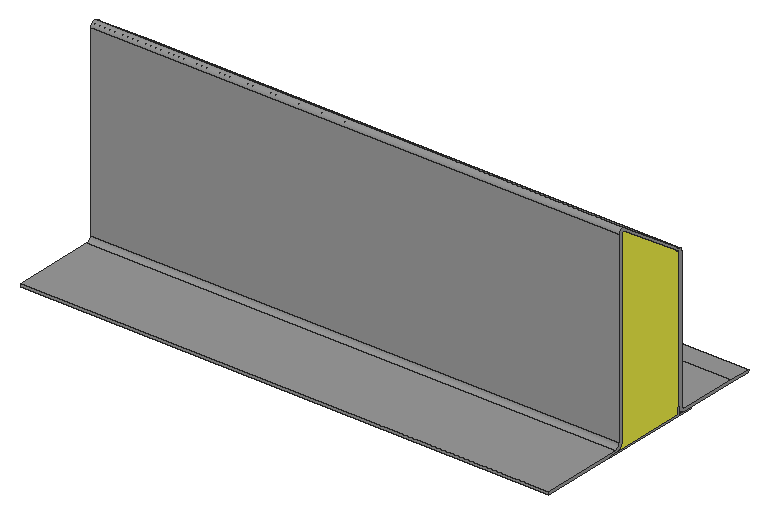
Revit family "sk 90", category Generic Models, Revit 2014
Parameters (values of type "Max lintel length 4800mm")
  URL = "http://www.keystonelintels.co.uk"
  Structural Opening [instance] = 300 mm
  Structural Performance = "The Keystone lintel range has safe working loads as detailed in each applicable loading table in the Keystone Lintel Guide brochure. The structural performance figures within each table have been ascertained by testing in accordance with the requirements of standards BS EN 5977-2: 1983 and BS EN 845-2: 2003."
  RIBA Productor Selector = "available for Keystone Lintels Ltd from Keystone Lintels Ltd from ribaproductselector.com"
  Model = "SK/90"
  Min Length = 600 mm
  Min Clear Span = 300 mm
  Max Length = 4800 mm
  Max Clear Span = 4800 mm
  Material - Stainless Steel = "Grade 304 2b 1.4307 to BS EN 10088-2. Other grades available on request: contact manufacturer."
  Material - Galvanised Steel = "To BS EN 10346: 2009. DX51D plus Z600 or grade Z275 to BS 5977-2: 1983 (BS EN 845-2: 2003)."
  Manufacturer = "Keystone"
  Manufactured Length [instance] = (roundup(Effective Length / 150 mm) * 150 mm)  # 600 mm
  Lintel height [instance] = 2100 mm
  Keynote = "F30/755"
  Fire Performance = "Keystone lintels have been subjected to a fire test (WARRES No. 101263) in accordance with BS 476-20: 1987, at Exova Warrington Fire and achieved a one hour fire performance."
  End Bearing = 150 mm
  Effective Length [instance] = Clear Opening with MIN MAX set + End Bearing * 2  # 600 mm
  Corrosion = "Keystone’s standard range of lintels are manufactured from high quality grade pre-galvanized carbon steel with a zinc coating of 600"
  Contact Tel = "+44 (0)28 8676 2184"
  Contact Email = "info@keystonelintels.co.uk"
  Clear Opening with MIN MAX set [instance] = if(Structural Opening < Min Clear Span, Min Clear Span, (if(Structural Opening > Max Clear Span, Max Clear Span, Structural Opening)))  # 300 mm
  CPD Information = "Available for Keystone Lintels Ltd from ribacpd.com"
Reference planes
  plane 1 "Center (Front/Back)": y = 0
  plane 2: z = 0
  plane 3 "Center (Left/Right)": x = 0
  plane 4: x = -300
  plane 5: x = 300
  plane 6: z = 2100
  plane 7: x = -150
  plane 8: x = 150
Forms (mm)
  Extrusion 1, solid, not visible
    sketch origin (0, 476.5, 764.25) x (0, 1, 0) y (0, 0, 1)
      loop
        line (-600.486, 1001.428) -> (-665.486, 1001.428)
        arc (-665.486, 1001.428) -> (-669.022, 1002.892) -> (-670.486, 1006.428) r 5
        line (-670.486, 1006.428) -> (-670.486, 1163.725)
        arc (-670.486, 1163.725) -> (-671.074, 1166.127) -> (-672.704, 1167.985) r 5.2
        line (-672.704, 1167.985) -> (-750.304, 1222.314)
        arc (-750.304, 1222.314) -> (-755.687, 1222.667) -> (-758.486, 1218.054) r 5.2
        line (-758.486, 1218.054) -> (-758.486, 1006.428)
        arc (-758.486, 1006.428) -> (-759.951, 1002.892) -> (-763.486, 1001.428) r 5
        line (-763.486, 1001.428) -> (-858.486, 1001.428) -> (-858.486, 998.228) -> (-763.486, 998.228)
        arc (-763.486, 998.228) -> (-757.688, 1000.63) -> (-755.286, 1006.428) r 8.2
        line (-755.286, 1006.428) -> (-755.286, 1218.054)
        arc (-755.286, 1218.054) -> (-754.21, 1219.828) -> (-752.139, 1219.693) r 2
        line (-752.139, 1219.693) -> (-674.539, 1165.364)
        arc (-674.539, 1165.364) -> (-673.912, 1164.649) -> (-673.686, 1163.725) r 2
        line (-673.686, 1163.725) -> (-673.686, 1006.428)
        arc (-673.686, 1006.428) -> (-671.284, 1000.63) -> (-665.486, 998.228) r 8.2
        line (-665.486, 998.228) -> (-600.542, 998.228) -> (-575.599, 997.36) -> (-575.486, 1000.558) -> (-600.486, 1001.428)
    from 0 to 250
  Extrusion 2, solid, not visible
    sketch origin (0, 214.797, 53.538) x (0, 1, 0) y (0, 0, 1)
      loop
        arc (-665.486, 998.228) -> (-671.284, 1000.63) -> (-673.686, 1006.428) r 8.2
        line (-673.686, 1006.428) -> (-673.686, 1163.725)
        arc (-673.686, 1163.725) -> (-673.912, 1164.649) -> (-674.539, 1165.364) r 2
        line (-674.539, 1165.364) -> (-752.139, 1219.693)
        arc (-752.139, 1219.693) -> (-754.21, 1219.828) -> (-755.286, 1218.054) r 2
        line (-755.286, 1218.054) -> (-755.286, 1006.428)
        arc (-755.286, 1006.428) -> (-757.688, 1000.63) -> (-763.486, 998.228) r 8.2
        line (-763.486, 998.228) -> (-674.986, 998.228) -> (-674.986, 1006.228) -> (-673.986, 1006.228) -> (-673.986, 998.228) -> (-665.486, 998.228)
    from 0 to 250
  Extrusion 3, solid, not visible
    sketch origin (0, 908.275, 896.271) x (0, 1, 0) y (0, 0, 1)
      loop
        line (-673.986, 998.228) -> (-673.986, 1006.228) -> (-674.986, 1006.228) -> (-674.986, 998.228) -> (-771.986, 998.228) -> (-771.986, 997.228) -> (-656.986, 997.228) -> (-656.986, 998.228) -> (-673.986, 998.228)
    from 0 to 250
  Extrusion 4, solid, not visible
    sketch origin (0, 949.95, 654.162) x (0, 1, 0) y (0, 0, 1)
      loop
        line (-610.491, 998.498) -> (-675.491, 998.498)
        arc (-675.491, 998.498) -> (-679.026, 999.962) -> (-680.491, 1003.498) r 5
        line (-680.491, 1003.498) -> (-680.491, 1163.294)
        arc (-680.491, 1163.294) -> (-680.886, 1165.282) -> (-682.011, 1166.968) r 5.2
        line (-682.011, 1166.968) -> (-739.611, 1224.659)
        arc (-739.611, 1224.659) -> (-745.279, 1225.79) -> (-748.491, 1220.985) r 5.2
        line (-748.491, 1220.985) -> (-748.491, 1003.498)
        arc (-748.491, 1003.498) -> (-749.955, 999.962) -> (-753.491, 998.498) r 5
        line (-753.491, 998.498) -> (-848.491, 998.498) -> (-848.491, 995.298) -> (-753.491, 995.298)
        arc (-753.491, 995.298) -> (-747.693, 997.699) -> (-745.291, 1003.498) r 8.2
        line (-745.291, 1003.498) -> (-745.291, 1220.985)
        arc (-745.291, 1220.985) -> (-744.055, 1222.833) -> (-741.875, 1222.398) r 2
        line (-741.875, 1222.398) -> (-684.275, 1164.707)
        arc (-684.275, 1164.707) -> (-683.843, 1164.058) -> (-683.691, 1163.294) r 2
        line (-683.691, 1163.294) -> (-683.691, 1003.498)
        arc (-683.691, 1003.498) -> (-681.289, 997.699) -> (-675.491, 995.298) r 8.2
        line (-675.491, 995.298) -> (-610.546, 995.298) -> (-585.591, 994.444) -> (-585.482, 997.643) -> (-610.491, 998.498)
    from 0 to 250
  Extrusion 5, solid, not visible
    sketch origin (0, 600.021, 633.606) x (0, 1, 0) y (0, 0, 1)
      loop
        arc (-675.491, 995.298) -> (-681.289, 997.699) -> (-683.691, 1003.498) r 8.2
        line (-683.691, 1003.498) -> (-683.691, 1163.294)
        arc (-683.691, 1163.294) -> (-683.843, 1164.058) -> (-684.275, 1164.707) r 2
        line (-684.275, 1164.707) -> (-741.875, 1222.398)
        arc (-741.875, 1222.398) -> (-744.055, 1222.833) -> (-745.291, 1220.985) r 2
        line (-745.291, 1220.985) -> (-745.291, 1003.498)
        arc (-745.291, 1003.498) -> (-747.693, 997.699) -> (-753.491, 995.298) r 8.2
        line (-753.491, 995.298) -> (-684.991, 995.298) -> (-684.991, 1003.298) -> (-683.991, 1003.298) -> (-683.991, 995.298) -> (-675.491, 995.298)
    from 0 to 250
  Extrusion 6, solid, not visible
    sketch origin (0, 640.113, 580.357) x (0, 1, 0) y (0, 0, 1)
      loop
        line (-683.991, 995.298) -> (-683.991, 1003.298) -> (-684.991, 1003.298) -> (-684.991, 995.298) -> (-761.991, 995.298) -> (-761.991, 994.298) -> (-666.991, 994.298) -> (-666.991, 995.298) -> (-683.991, 995.298)
    from 0 to 250
  Extrusion 7, solid, not visible
    sketch origin (0, 858.349, 1121.575) x (0, 1, 0) y (0, 0, 1)
      loop
        arc (-758.236, 1185.684) -> (-763.539, 1183.487) -> (-765.736, 1178.184) r 7.5
        line (-765.736, 1178.184) -> (-765.736, 1043.184)
        arc (-765.736, 1043.184) -> (-763.539, 1037.88) -> (-758.236, 1035.684) r 7.5
        line (-758.236, 1035.684) -> (-693.281, 1035.684) -> (-668.325, 1034.798) -> (-668.236, 1037.297) -> (-693.236, 1038.184) -> (-758.236, 1038.184)
        arc (-758.236, 1038.184) -> (-761.772, 1039.648) -> (-763.236, 1043.184) r 5
        line (-763.236, 1043.184) -> (-763.236, 1178.184)
        arc (-763.236, 1178.184) -> (-761.772, 1181.719) -> (-758.236, 1183.184) r 5
        line (-758.236, 1183.184) -> (-706.236, 1183.184) -> (-706.236, 1185.684) -> (-758.236, 1185.684)
    from 0 to 250
  Extrusion 8, solid, material "Steel"
    sketch origin (0, 713.339, -498.228) x (0, 1, 0) y (0, 0, 1)
      loop
        line (-600.486, 2601.428) -> (-665.486, 2601.428)
        arc (-665.486, 2601.428) -> (-669.022, 2602.892) -> (-670.486, 2606.428) r 5
        line (-670.486, 2606.428) -> (-670.486, 2763.725)
        arc (-670.486, 2763.725) -> (-671.074, 2766.127) -> (-672.704, 2767.985) r 5.2
        line (-672.704, 2767.985) -> (-750.304, 2822.314)
        arc (-750.304, 2822.314) -> (-755.687, 2822.667) -> (-758.486, 2818.054) r 5.2
        line (-758.486, 2818.054) -> (-758.486, 2606.428)
        arc (-758.486, 2606.428) -> (-759.951, 2602.892) -> (-763.486, 2601.428) r 5
        line (-763.486, 2601.428) -> (-858.486, 2601.428) -> (-858.486, 2598.228) -> (-763.486, 2598.228)
        arc (-763.486, 2598.228) -> (-757.688, 2600.63) -> (-755.286, 2606.428) r 8.2
        line (-755.286, 2606.428) -> (-755.286, 2818.054)
        arc (-755.286, 2818.054) -> (-754.21, 2819.828) -> (-752.139, 2819.693) r 2
        line (-752.139, 2819.693) -> (-674.539, 2765.364)
        arc (-674.539, 2765.364) -> (-673.912, 2764.649) -> (-673.686, 2763.725) r 2
        line (-673.686, 2763.725) -> (-673.686, 2606.428)
        arc (-673.686, 2606.428) -> (-671.284, 2600.63) -> (-665.486, 2598.228) r 8.2
        line (-665.486, 2598.228) -> (-600.542, 2598.228) -> (-575.599, 2597.36) -> (-575.486, 2600.558) -> (-600.486, 2601.428)
    from -300 to 300
  Extrusion 9, solid, material "Insulation"
    sketch origin (0, 713.339, -498.228) x (0, 1, 0) y (0, 0, 1)
      loop
        arc (-665.486, 2598.228) -> (-671.284, 2600.63) -> (-673.686, 2606.428) r 8.2
        line (-673.686, 2606.428) -> (-673.686, 2763.725)
        arc (-673.686, 2763.725) -> (-673.912, 2764.649) -> (-674.539, 2765.364) r 2
        line (-674.539, 2765.364) -> (-752.139, 2819.693)
        arc (-752.139, 2819.693) -> (-754.21, 2819.828) -> (-755.286, 2818.054) r 2
        line (-755.286, 2818.054) -> (-755.286, 2606.428)
        arc (-755.286, 2606.428) -> (-757.688, 2600.63) -> (-763.486, 2598.228) r 8.2
        line (-763.486, 2598.228) -> (-674.986, 2598.228) -> (-674.986, 2606.228) -> (-673.986, 2606.228) -> (-673.986, 2598.228) -> (-665.486, 2598.228)
    from -300 to 300
  Extrusion 10, solid, material "Steel"
    sketch origin (0, 713.339, -498.228) x (0, 1, 0) y (0, 0, 1)
      loop
        line (-673.986, 2598.228) -> (-673.986, 2606.228) -> (-674.986, 2606.228) -> (-674.986, 2598.228) -> (-771.986, 2598.228) -> (-771.986, 2597.228) -> (-656.986, 2597.228) -> (-656.986, 2598.228) -> (-673.986, 2598.228)
    from -300 to 300
  Extrusion 11, solid, not visible
    sketch origin (0, 1149.512, -258.111) x (0, 1, 0) y (0, 0, 1)
      loop
        line (-600.486, 1001.428) -> (-665.486, 1001.428)
        arc (-665.486, 1001.428) -> (-669.022, 1002.892) -> (-670.486, 1006.428) r 5
        line (-670.486, 1006.428) -> (-670.486, 1163.725)
        arc (-670.486, 1163.725) -> (-671.074, 1166.127) -> (-672.704, 1167.985) r 5.2
        line (-672.704, 1167.985) -> (-750.304, 1222.314)
        arc (-750.304, 1222.314) -> (-755.687, 1222.667) -> (-758.486, 1218.054) r 5.2
        line (-758.486, 1218.054) -> (-758.486, 1006.428)
        arc (-758.486, 1006.428) -> (-759.951, 1002.892) -> (-763.486, 1001.428) r 5
        line (-763.486, 1001.428) -> (-858.486, 1001.428) -> (-858.486, 998.228) -> (-763.486, 998.228)
        arc (-763.486, 998.228) -> (-757.688, 1000.63) -> (-755.286, 1006.428) r 8.2
        line (-755.286, 1006.428) -> (-755.286, 1218.054)
        arc (-755.286, 1218.054) -> (-754.21, 1219.828) -> (-752.139, 1219.693) r 2
        line (-752.139, 1219.693) -> (-674.539, 1165.364)
        arc (-674.539, 1165.364) -> (-673.912, 1164.649) -> (-673.686, 1163.725) r 2
        line (-673.686, 1163.725) -> (-673.686, 1006.428)
        arc (-673.686, 1006.428) -> (-671.284, 1000.63) -> (-665.486, 998.228) r 8.2
        line (-665.486, 998.228) -> (-600.542, 998.228) -> (-575.599, 997.36) -> (-575.486, 1000.558) -> (-600.486, 1001.428)
    from 0 to 250
  Extrusion 12, solid, not visible
    sketch origin (0, 558.572, -251.338) x (0, 1, 0) y (0, 0, 1)
      loop
        arc (-665.486, 998.228) -> (-671.284, 1000.63) -> (-673.686, 1006.428) r 8.2
        line (-673.686, 1006.428) -> (-673.686, 1163.725)
        arc (-673.686, 1163.725) -> (-673.912, 1164.649) -> (-674.539, 1165.364) r 2
        line (-674.539, 1165.364) -> (-752.139, 1219.693)
        arc (-752.139, 1219.693) -> (-754.21, 1219.828) -> (-755.286, 1218.054) r 2
        line (-755.286, 1218.054) -> (-755.286, 1006.428)
        arc (-755.286, 1006.428) -> (-757.688, 1000.63) -> (-763.486, 998.228) r 8.2
        line (-763.486, 998.228) -> (-674.986, 998.228) -> (-674.986, 1006.228) -> (-673.986, 1006.228) -> (-673.986, 998.228) -> (-665.486, 998.228)
    from 0 to 250
  Extrusion 13, solid, not visible
    sketch origin (0, 540.439, -352.194) x (0, 1, 0) y (0, 0, 1)
      loop
        line (-673.986, 998.228) -> (-673.986, 1006.228) -> (-674.986, 1006.228) -> (-674.986, 998.228) -> (-771.986, 998.228) -> (-771.986, 997.228) -> (-656.986, 997.228) -> (-656.986, 998.228) -> (-673.986, 998.228)
    from 0 to 250
Dimensions and locks
  equal spacing: plane 4, plane 3 "Center (Left/Right)", plane 5
  "Manufactured Length": plane 4 to plane 5
  "Lintel height": plane 6 to level
  "Structural Opening": plane 7 to plane 8
  equal spacing: plane 7, plane 3 "Center (Left/Right)", plane 8
  aligned and locked: level to plane 2
  aligned and locked: Extrusion 8 to plane 6
  aligned and locked: Extrusion 9 to plane 6
  aligned and locked: plane 6 to Extrusion 10
  aligned and locked: plane 5 to Extrusion 8
  aligned and locked: Extrusion 8 to plane 4
  aligned and locked: plane 5 to Extrusion 9
  aligned and locked: Extrusion 9 to plane 4
  aligned and locked: plane 5 to Extrusion 10
  aligned and locked: Extrusion 10 to plane 4
Automatic sketch dimensions
  Extrusion 1 sketch curve to Extrusion 1 sketch curve = 65 mm
  Extrusion 1 sketch curve to Extrusion 1 sketch curve = 25 mm
  Extrusion 1 sketch curve to Extrusion 1 sketch curve = 0.87 mm
  Extrusion 1 sketch curve to Extrusion 1 sketch curve = 5 mm  (x2)
  Extrusion 1 sketch curve to Extrusion 1 sketch curve = 157.297 mm
  Extrusion 1 sketch curve to Extrusion 1 sketch curve = 5.2 mm
  Extrusion 1 sketch curve to Extrusion 1 sketch curve = 2.218 mm
  Extrusion 1 sketch curve to Extrusion 1 sketch curve = 77.6 mm
  Extrusion 1 sketch curve to Extrusion 1 sketch curve = 54.329 mm
  Extrusion 1 sketch curve to Extrusion 1 sketch curve = 2.982 mm
  Extrusion 1 sketch curve to Extrusion 1 sketch curve = 4.26 mm
  Extrusion 1 sketch curve to Extrusion 1 sketch curve = 0 mm  (x17)
  Extrusion 1 sketch curve to Extrusion 1 sketch curve = 95 mm
  Extrusion 1 sketch curve to Extrusion 1 sketch curve = 3.2 mm
  Extrusion 1 sketch curve to Extrusion 1 sketch curve = 1.147 mm  (x2)
  Extrusion 1 sketch curve to Extrusion 1 sketch curve = 1.638 mm
  Extrusion 1 sketch curve to Extrusion 1 sketch curve = 0.056 mm
  Extrusion 1 sketch curve to Extrusion 1 sketch curve = 0.112 mm
  Extrusion 1 sketch curve to Extrusion 1 sketch curve = 3.198 mm
  Extrusion 2 sketch curve to Extrusion 2 sketch curve = 2 mm
  Extrusion 2 sketch curve to Extrusion 2 sketch curve = 1.147 mm  (x2)
  Extrusion 2 sketch curve to Extrusion 2 sketch curve = 77.6 mm
  Extrusion 2 sketch curve to Extrusion 2 sketch curve = 80.3 mm
  Extrusion 2 sketch curve to Extrusion 2 sketch curve = 1 mm
  Extrusion 2 sketch curve to Extrusion 2 sketch curve = 0.3 mm
  Extrusion 2 sketch curve to Extrusion 2 sketch curve = 8.2 mm  (x2)
  Extrusion 2 sketch curve to Extrusion 2 sketch curve = 0 mm
  Extrusion 2 sketch curve to Extrusion 2 sketch curve = 0.2 mm
  Extrusion 2 sketch curve to Extrusion 2 sketch curve = 157.297 mm
  Extrusion 2 sketch curve to Extrusion 2 sketch curve = 54.329 mm
  Extrusion 3 sketch curve to Extrusion 3 sketch curve = 17 mm
  Extrusion 3 sketch curve to Extrusion 3 sketch curve = 8 mm
  Extrusion 3 sketch curve to Extrusion 3 sketch curve = 1 mm  (x2)
  Extrusion 3 sketch curve to Extrusion 3 sketch curve = 0 mm
  Extrusion 3 sketch curve to Extrusion 3 sketch curve = 97 mm
  Extrusion 4 sketch curve to Extrusion 4 sketch curve = 65 mm
  Extrusion 4 sketch curve to Extrusion 4 sketch curve = 25.009 mm
  Extrusion 4 sketch curve to Extrusion 4 sketch curve = 0.855 mm
  Extrusion 4 sketch curve to Extrusion 4 sketch curve = 0.109 mm
  Extrusion 4 sketch curve to Extrusion 4 sketch curve = 0.055 mm
  Extrusion 4 sketch curve to Extrusion 4 sketch curve = 0 mm  (x17)
  Extrusion 4 sketch curve to Extrusion 4 sketch curve = 5 mm  (x2)
  Extrusion 4 sketch curve to Extrusion 4 sketch curve = 159.796 mm
  Extrusion 4 sketch curve to Extrusion 4 sketch curve = 2 mm
  Extrusion 4 sketch curve to Extrusion 4 sketch curve = 0.585 mm
  Extrusion 4 sketch curve to Extrusion 4 sketch curve = 2.265 mm  (x2)
  Extrusion 4 sketch curve to Extrusion 4 sketch curve = 57.6 mm
  Extrusion 4 sketch curve to Extrusion 4 sketch curve = 57.691 mm
  Extrusion 4 sketch curve to Extrusion 4 sketch curve = 2.261 mm
  Extrusion 4 sketch curve to Extrusion 4 sketch curve = 1.415 mm
  Extrusion 4 sketch curve to Extrusion 4 sketch curve = 1.413 mm
  Extrusion 4 sketch curve to Extrusion 4 sketch curve = 95 mm
  Extrusion 5 sketch curve to Extrusion 5 sketch curve = 2 mm
  Extrusion 5 sketch curve to Extrusion 5 sketch curve = 1.415 mm  (x2)
  Extrusion 5 sketch curve to Extrusion 5 sketch curve = 57.6 mm
  Extrusion 5 sketch curve to Extrusion 5 sketch curve = 60.3 mm
  Extrusion 5 sketch curve to Extrusion 5 sketch curve = 1 mm
  Extrusion 5 sketch curve to Extrusion 5 sketch curve = 0.3 mm
  Extrusion 5 sketch curve to Extrusion 5 sketch curve = 8.2 mm  (x2)
  Extrusion 5 sketch curve to Extrusion 5 sketch curve = 0 mm  (x2)
  Extrusion 5 sketch curve to Extrusion 5 sketch curve = 0.2 mm
  Extrusion 5 sketch curve to Extrusion 5 sketch curve = 159.796 mm
  Extrusion 5 sketch curve to Extrusion 5 sketch curve = 57.691 mm
  Extrusion 6 sketch curve to Extrusion 6 sketch curve = 17 mm
  Extrusion 6 sketch curve to Extrusion 6 sketch curve = 8 mm
  Extrusion 6 sketch curve to Extrusion 6 sketch curve = 1 mm  (x2)
  Extrusion 6 sketch curve to Extrusion 6 sketch curve = 0 mm
  Extrusion 6 sketch curve to Extrusion 6 sketch curve = 77 mm
  Extrusion 7 sketch curve to Extrusion 7 sketch curve = 7.5 mm  (x2)
  Extrusion 7 sketch curve to Extrusion 7 sketch curve = 52 mm
  Extrusion 7 sketch curve to Extrusion 7 sketch curve = 135 mm
  Extrusion 7 sketch curve to Extrusion 7 sketch curve = 64.956 mm
  Extrusion 7 sketch curve to Extrusion 7 sketch curve = 24.956 mm
  Extrusion 7 sketch curve to Extrusion 7 sketch curve = 0.885 mm
  Extrusion 7 sketch curve to Extrusion 7 sketch curve = 0.089 mm
  Extrusion 7 sketch curve to Extrusion 7 sketch curve = 0.044 mm
  Extrusion 7 sketch curve to Extrusion 7 sketch curve = 0 mm  (x8)
  Extrusion 8 sketch curve to Extrusion 8 sketch curve = 0.112 mm
  Extrusion 8 sketch curve to Extrusion 8 sketch curve = 25 mm
  Extrusion 8 sketch curve to Extrusion 8 sketch curve = 3.198 mm
  Extrusion 8 sketch curve to Extrusion 8 sketch curve = 0.87 mm
  Extrusion 8 sketch curve to Extrusion 8 sketch curve = 0.056 mm
  Extrusion 8 sketch curve to Extrusion 8 sketch curve = 3.2 mm
  Extrusion 8 sketch curve to Extrusion 8 sketch curve = 64.944 mm
  Extrusion 8 sketch curve to Extrusion 8 sketch curve = 5 mm  (x2)
  Extrusion 8 sketch curve to Extrusion 8 sketch curve = 0 mm  (x17)
  Extrusion 8 sketch curve to Extrusion 8 sketch curve = 157.297 mm
  Extrusion 8 sketch curve to Extrusion 8 sketch curve = 2 mm
  Extrusion 8 sketch curve to Extrusion 8 sketch curve = 0.853 mm
  Extrusion 8 sketch curve to Extrusion 8 sketch curve = 77.6 mm
  Extrusion 8 sketch curve to Extrusion 8 sketch curve = 54.329 mm
  Extrusion 8 sketch curve to Extrusion 8 sketch curve = 1.835 mm  (x2)
  Extrusion 8 sketch curve to Extrusion 8 sketch curve = 2.621 mm
  Extrusion 8 sketch curve to Extrusion 8 sketch curve = 1.147 mm
  Extrusion 8 sketch curve to Extrusion 8 sketch curve = 1.638 mm
  Extrusion 8 sketch curve to Extrusion 8 sketch curve = 95 mm
  Extrusion 9 sketch curve to Extrusion 9 sketch curve = 2 mm
  Extrusion 9 sketch curve to Extrusion 9 sketch curve = 1.147 mm  (x2)
  Extrusion 9 sketch curve to Extrusion 9 sketch curve = 77.6 mm
  Extrusion 9 sketch curve to Extrusion 9 sketch curve = 80.3 mm
  Extrusion 9 sketch curve to Extrusion 9 sketch curve = 1 mm
  Extrusion 9 sketch curve to Extrusion 9 sketch curve = 0.3 mm
  Extrusion 9 sketch curve to Extrusion 9 sketch curve = 8.2 mm  (x2)
  Extrusion 9 sketch curve to Extrusion 9 sketch curve = 0 mm
  Extrusion 9 sketch curve to Extrusion 9 sketch curve = 0.2 mm
  Extrusion 9 sketch curve to Extrusion 9 sketch curve = 157.297 mm
  Extrusion 9 sketch curve to Extrusion 9 sketch curve = 54.329 mm
  Extrusion 10 sketch curve to Extrusion 10 sketch curve = 17 mm
  Extrusion 10 sketch curve to Extrusion 10 sketch curve = 8 mm
  Extrusion 10 sketch curve to Extrusion 10 sketch curve = 1 mm  (x2)
  Extrusion 10 sketch curve to Extrusion 10 sketch curve = 0 mm
  Extrusion 10 sketch curve to Extrusion 10 sketch curve = 97 mm
  Extrusion 11 sketch curve to Extrusion 11 sketch curve = 0.112 mm
  Extrusion 11 sketch curve to Extrusion 11 sketch curve = 25 mm
  Extrusion 11 sketch curve to Extrusion 11 sketch curve = 3.198 mm
  Extrusion 11 sketch curve to Extrusion 11 sketch curve = 0.87 mm
  Extrusion 11 sketch curve to Extrusion 11 sketch curve = 0.056 mm
  Extrusion 11 sketch curve to Extrusion 11 sketch curve = 3.2 mm
  Extrusion 11 sketch curve to Extrusion 11 sketch curve = 64.944 mm
  Extrusion 11 sketch curve to Extrusion 11 sketch curve = 0 mm  (x17)
  Extrusion 11 sketch curve to Extrusion 11 sketch curve = 5 mm  (x2)
  Extrusion 11 sketch curve to Extrusion 11 sketch curve = 157.297 mm
  Extrusion 11 sketch curve to Extrusion 11 sketch curve = 2 mm
  Extrusion 11 sketch curve to Extrusion 11 sketch curve = 0.853 mm
  Extrusion 11 sketch curve to Extrusion 11 sketch curve = 77.6 mm
  Extrusion 11 sketch curve to Extrusion 11 sketch curve = 54.329 mm
  Extrusion 11 sketch curve to Extrusion 11 sketch curve = 1.835 mm  (x2)
  Extrusion 11 sketch curve to Extrusion 11 sketch curve = 2.621 mm
  Extrusion 11 sketch curve to Extrusion 11 sketch curve = 1.147 mm
  Extrusion 11 sketch curve to Extrusion 11 sketch curve = 1.638 mm
  Extrusion 11 sketch curve to Extrusion 11 sketch curve = 95 mm
  Extrusion 12 sketch curve to Extrusion 12 sketch curve = 2 mm
  Extrusion 12 sketch curve to Extrusion 12 sketch curve = 1.147 mm  (x2)
  Extrusion 12 sketch curve to Extrusion 12 sketch curve = 77.6 mm
  Extrusion 12 sketch curve to Extrusion 12 sketch curve = 80.3 mm
  Extrusion 12 sketch curve to Extrusion 12 sketch curve = 1 mm
  Extrusion 12 sketch curve to Extrusion 12 sketch curve = 0.3 mm
  Extrusion 12 sketch curve to Extrusion 12 sketch curve = 8.2 mm  (x2)
  Extrusion 12 sketch curve to Extrusion 12 sketch curve = 0 mm
  Extrusion 12 sketch curve to Extrusion 12 sketch curve = 0.2 mm
  Extrusion 12 sketch curve to Extrusion 12 sketch curve = 157.297 mm
  Extrusion 12 sketch curve to Extrusion 12 sketch curve = 54.329 mm
  Extrusion 13 sketch curve to Extrusion 13 sketch curve = 17 mm
  Extrusion 13 sketch curve to Extrusion 13 sketch curve = 8 mm
  Extrusion 13 sketch curve to Extrusion 13 sketch curve = 1 mm  (x2)
  Extrusion 13 sketch curve to Extrusion 13 sketch curve = 0 mm
  Extrusion 13 sketch curve to Extrusion 13 sketch curve = 97 mm
  Extrusion 8 sketch curve to plane 6 = 0 mm
  plane 1 "Center (Front/Back)" to Extrusion 8 sketch curve = 145.147 mm
  Extrusion 9 sketch curve to plane 6 = 0 mm
  plane 1 "Center (Front/Back)" to Extrusion 9 sketch curve = 50.147 mm
  Extrusion 10 sketch curve to plane 6 = 0 mm
  plane 1 "Center (Front/Back)" to Extrusion 10 sketch curve = 58.647 mm
